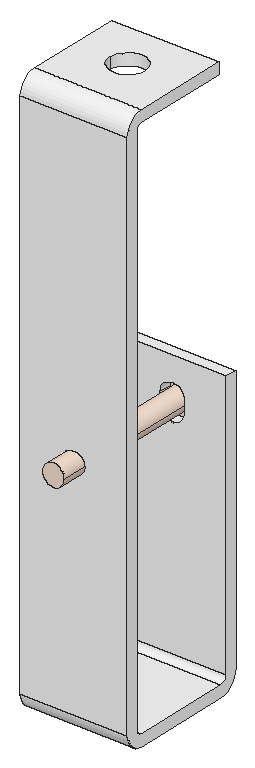
Revit family "lghanger_c60x30x10_innner", category 機械設備, Revit 2022
Family settings
  丸型コネクタ寸法 = 直径を使用
  種別 = なし
  パーツ タイプ = 標準
  作業面ベース = いいえ
  常に垂直 = はい
  ロード時にボイドで切り取り = いいえ
  注釈の向きを維持 = いいえ
  共有 = いいえ
  部屋計算ポイント = いいえ
Parameters
  製造元 = "株式会社桐井製作所"
  既定の高さ = 0 mm
  URL = "https://www.kirii.co.jp/"
  K_材質 = "SGHC　一般用"
  K_品名 = "60×30×10LGハンガー(内折れ)"
  K_名称 = "その他ハンガー"
  K_入数 = "100"
  K_バージョン情報 = "20211012"
  K_めっき付着量 = "Z12"
  K_JIS規格 = "JIS G 3302"
Reference planes
  plane 1 "中心(正面/背面)": y = 0
  plane 2: z = 0
  plane 3 "中心(左/右)": x = 0
  plane 4: x = 15
  plane 5: x = -15
Forms (mm)
  Extrusion 1, solid
    sketch origin (0, 0, 0) x (0, 1, 0) y (0, 0, 1)
      loop
        line (0, 1.8) -> (0, 151.8)
        arc (0, 151.8) -> (0.527, 153.073) -> (1.8, 153.6) r 1.8
        line (1.8, 153.6) -> (28.8, 153.6) -> (28.8, 156.8) -> (1.8, 156.8)
        arc (1.8, 156.8) -> (-1.736, 155.336) -> (-3.2, 151.8) r 5
        line (-3.2, 151.8) -> (-3.2, 1.8)
        arc (-3.2, 1.8) -> (-1.736, -1.736) -> (1.8, -3.2) r 5
        line (1.8, -3.2) -> (29.7, -3.2)
        arc (29.7, -3.2) -> (33.236, -1.736) -> (34.7, 1.8) r 5
        line (34.7, 1.8) -> (34.7, 76.8) -> (31.5, 76.8) -> (31.5, 1.8)
        arc (31.5, 1.8) -> (30.973, 0.527) -> (29.7, 0) r 1.8
        line (29.7, 0) -> (1.8, 0)
        arc (1.8, 0) -> (0.527, 0.527) -> (0, 1.8) r 1.8
    from -15 to 15
  Extrusion 2, void
    sketch origin (0, 47.8, 0) x (1, 0, 0) y (0, 1, 0)
      loop
        circle (0, -32.021) r 5
    from 153.6 to 156.8
  Extrusion 3, void
    sketch origin (0, 0, 0) x (1, 0, 0) y (0, 0, 1)
      loop
        arc (3.5, 66.5) -> (0, 70) -> (-3.5, 66.5) r 3.5
        line (-3.5, 66.5) -> (-3.5, 63.5)
        arc (-3.5, 63.5) -> (0, 60) -> (3.5, 63.5) r 3.5
        line (3.5, 63.5) -> (3.5, 66.5)
    from -34.7 to -31.5
  Extrusion 4, void
    sketch origin (0, 0, 0) x (1, 0, 0) y (0, 0, 1)
      loop
        circle (0, 65) r 3
    from 0 to 3.2
Cuts and joins
  Extrusion 2, Extrusion 3, Extrusion 4 cuts Extrusion 1
Dimensions and locks
  aligned and locked: level to plane 2
Automatic sketch dimensions
  Extrusion 1 sketch curve to Extrusion 1 sketch curve = 0 mm  (x5)
  Extrusion 1 sketch curve to plane 1 "中心(正面/背面)" = 0 mm
  Extrusion 1 sketch curve to level = 0 mm
  Extrusion 1 sketch curve to Extrusion 1 sketch curve = 3.2 mm
  Extrusion 1 sketch curve to plane 1 "中心(正面/背面)" = 1.8 mm  (x2)
  Extrusion 1 sketch curve to Extrusion 1 sketch curve = 27 mm
  Extrusion 1 sketch curve to Extrusion 1 sketch curve = 27.9 mm
  Extrusion 1 sketch curve to plane 1 "中心(正面/背面)" = 31.5 mm
  level to Extrusion 1 sketch curve = 1.8 mm
  Extrusion 1 sketch curve to Extrusion 1 sketch curve = 75 mm  (x2)
  Extrusion 2 sketch curve to plane 3 "中心(左/右)" = 0 mm
  Extrusion 2 sketch curve to plane 1 "中心(正面/背面)" = 15.779 mm
  Extrusion 3 sketch curve to plane 3 "中心(左/右)" = 0 mm
  Extrusion 3 sketch curve to plane 3 "中心(左/右)" = 3.5 mm
  level to Extrusion 3 sketch curve = 63.5 mm
  Extrusion 3 sketch curve to Extrusion 3 sketch curve = 3 mm
  Extrusion 4 sketch curve to plane 3 "中心(左/右)" = 0 mm
  level to Extrusion 4 sketch curve = 65 mm
  radius of Extrusion 2 sketch curve = 5 mm
  radius of Extrusion 4 sketch curve = 3 mm
Nested families
  nested 1: "M6×45ビス" at (-0.011, 34.7, 65.2) x (-1, 0, 0) z (0, 0, 1), type "M6×45ビス"
Definition of nested family "M6×45ビス"
  Parameters (values of type "M6×45ビス")
    Manufacturer = "株式会社桐井製作所"
    Default Elevation = 0 mm
    URL = "https://www.kirii.co.jp/"
    K_名称 = "M6×45ボルト"
  Reference planes
    plane 1 "中心(正面/背面)": y = 0
    plane 2: z = 0
    plane 3 "中心(左/右)": x = 0
    plane 4 "正面": y = -4
  Forms (mm)
    Extrusion 1, solid
      sketch origin (0, 0, 0) x (1, 0, 0) y (0, 0, 1)
        loop
          line (-4.763, -2.946) -> (0, -5.696) -> (4.763, -2.946) -> (4.763, 2.554) -> (0, 5.304) -> (-4.763, 2.554) -> (-4.763, -2.946)
      from 0 to 4
    Extrusion 2, void
      sketch origin (0, -4, 0) x (-1, 0, 0) y (0, 0, 1)
        loop
          circle (0, -0.156) r 4.396
      from 0 to 1
    Extrusion 3, void
      sketch origin (0, -4, 0) x (-1, 0, 0) y (0, 0, 1)
        loop
          arc (-0.6, 1.814) -> (-1.069, 0.856) -> (-2.036, 0.404) r 1.605
          line (-2.036, 0.404) -> (-2.939, 0.404)
          arc (-2.939, 0.404) -> (-3, -0.195) -> (-2.94, -0.795) r 3
          line (-2.94, -0.795) -> (-2.049, -0.795)
          arc (-2.049, -0.795) -> (-1.074, -1.243) -> (-0.6, -2.206) r 1.605
          line (-0.6, -2.206) -> (-0.6, -3.135)
          arc (-0.6, -3.135) -> (0, -3.196) -> (0.6, -3.135) r 3
          line (0.6, -3.135) -> (0.6, -2.206)
          arc (0.6, -2.206) -> (1.074, -1.243) -> (2.049, -0.795) r 1.605
          line (2.049, -0.795) -> (2.94, -0.795)
          arc (2.94, -0.795) -> (3, -0.198) -> (2.941, 0.398) r 3
          line (2.941, 0.398) -> (2.117, 0.398)
          arc (2.117, 0.398) -> (1.098, 0.828) -> (0.6, 1.814) r 1.605
          line (0.6, 1.814) -> (0.6, 2.743)
          arc (0.6, 2.743) -> (0, 2.804) -> (-0.6, 2.743) r 3
          line (-0.6, 2.743) -> (-0.6, 1.814)
      from 0 to 2
    Extrusion 4, solid
      sketch origin (0, 0, 0) x (1, 0, 0) y (0, 0, 1)
        loop
          circle (-0.011, -0.2) r 3
      from 0 to -45
  Cuts and joins
    Extrusion 2, Extrusion 3 cuts Extrusion 1
    joined: Extrusion 1, Extrusion 4
  Dimensions and locks
    aligned and locked: level to plane 2
